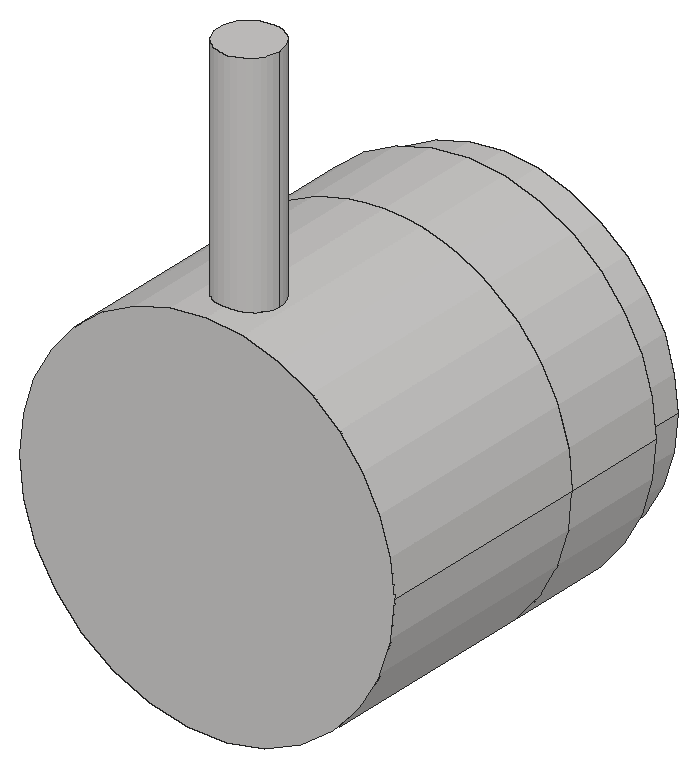
Revit family "NR52", category Generic Models, Revit 2012
Parameters
  e-mail = "info@vola.com"
  URL = "http://vola.com"
  Telephone = "+45 7023 5500"
  Quality management standard = "ISO 9001"
  Organisation no. / DUNS no. = "17531328"
  Occupational health and safety management standard = "ISO 18001"
  Mounting Instructions = "http://vola.com/service/producturl.ashx?name=NR52"
  Model = "NR52"
  Materials and components information = "http://vola.com/service/producturl.ashx?name=NR52"
  Manufacturer = "VOLA A/S"
  Maintenance Instructions = "http://vola.com/service/producturl.ashx?name=NR52"
  Guarantee = "2 years"
  Environmental management standard = "ISO 14000"
  Connection - All relevant connections = ""
  Approvals = "http://vola.com/service/producturl.ashx?name=NR52"
Reference planes
  plane 1 "Center (Front/Back)": y = 0
  plane 2: z = 0
  plane 3 "Center (Left/Right)": x = 0
Forms (mm)
  Extrusion 1, solid, material "Stainless Steel"
    sketch origin (0, 0, 0) x (1, 0, 0) y (0, 0, 1)
      loop
        circle (0, 0) r 20
    from 0 to 5
  Extrusion 2, solid, material "Stainless Steel"
    sketch origin (0, 0, 0) x (1, 0, 0) y (0, 0, 1)
      loop
        circle (0, 0) r 21.5
    from 17 to 42.5
  Extrusion 3, solid, material "Stainless Steel"
    sketch origin (0, -2, 0) x (0, -1, 0) y (1, 0, 0)
      loop
        circle (34.5, 0) r 3.5
    from 0 to 47.5
  Extrusion 4, solid, material "Stainless Steel"
    sketch origin (0, 10.75, -47.4) x (0, -1, 0) y (1, 0, 0)
      loop
        circle (34.5, 0) r 3.5
    from 22.5 to 47.4
  Extrusion 5, solid, material "Stainless Steel"
    sketch origin (0, 11.93, 0) x (1, 0, 0) y (0, 0, 1)
      loop
        circle (0, 0) r 21.5
    from 16.93 to 28.93
Cuts and joins
  joined: Extrusion 2, Extrusion 3, Extrusion 4
Dimensions and locks
  aligned and locked: plane 2 to level
  aligned and locked: Extrusion 2 to Extrusion 5
  aligned and locked: Extrusion 1 to Extrusion 5
